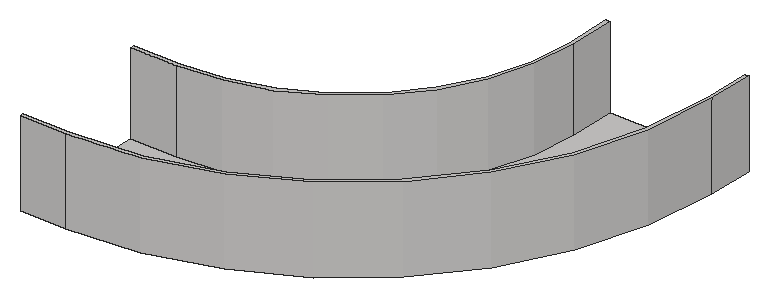
Revit family "Cable_Tray_Fitting-Ventilated_Tray-OBO_Bettermann-Channel_Horizontal_Bend-MKS", category Cable Tray Fittings, Revit 2012
Parameters (values of type "Hot Dipped Galvanised")
  URL = "http://www.obo-bettermann.com/"
  Type Comments = ""
  Tray Width [instance] = 100 mm
  Tray Height [instance] = 60 mm
  Tray Length [instance] = 31.75 mm
  built-in parameter 1140111 [instance] = 0.0084635 (stored number, unit not read)
  Product Page URL = "http://catalog2.obo-bettermann.com/catalogue/catalogue.do?favOid=kts_315277&act=showIO&lang=en&action=start&catId=KTS&forward=showSolutionView"
  Product Documentation Link = ""
  Pre Galvanized = no
  Model = "MKS"
  Manufacturer = "OBO Bettermann"
  Description = "Ventilated Cable Tray"
  Connector Description 2 = "Connector for Cable Tray 2"  # constant formula
  Connector Description = "Connector for Cable Tray 1"  # constant formula
  Classification = "Refer to online Catalog for UL and cUL classifed sizes and wire sizes."
  Center to End [instance] = Bend Radius Label * tan(Angle / 2) + Tray Length  # 234.15 mm
  Cable Tray Material = Metal - OBO Bettermann - Hot-Dipped-Galvanised
  Bend Radius Label [instance] = if(Bend Radius_x > 3.175 mm, Bend Radius_x + Tray Width / 2, Tray Width / 2 + 3.175 mm)  # 202.4 mm
  Bend Radius_x [instance] = 152.4 mm
  Assembly Code = "D5030600"
  Angle [instance] = 90.00°
Types (2, lengths in mm): name | Cable Tray Material
  Hot Dipped Galvanised | Metal - OBO Bettermann - Hot-Dipped-Galvanised
  Stripped Galvanised | Metal - OBO Bettermann - Strip-Galvanised
Reference planes
  plane 1 "Center (Front/Back)": y = 0
  plane 2: z = 0
  plane 3 "Center (Left/Right)": x = 0
  plane 4: y = 202.4
  plane 5: x = -234.15
  plane 6: x = -202.4
Forms (mm)
  Sweep 1, solid, material "Metal - OBO Bettermann - Hot-Dipped-Galvanised" <- "Cable Tray Material", detail levels medium
    path in 3D
      loop
        line (-234.15, 0, 0) -> (-202.4, 0, 0)
        arc (-202.4, 0, 0) -> (-59.282, 59.282, 0) -> (0, 202.4, 0) r 202.4
        line (0, 202.4, 0) -> (0, 234.15, 0)
    profile "Cable Tray - Channel 2 : Channel" origin (-218.275, 0, 0) x (0, 1, 0) y (0, 0, 1)
      loop
        line (-50, 30) -> (-50, -30) -> (50, -30) -> (50, 30) -> (-50, 30)
  Sweep 2, solid, material "Metal - OBO Bettermann - Hot-Dipped-Galvanised" <- "Cable Tray Material", detail levels fine
    path in 3D
      loop
        line (-234.15, 0, 0) -> (-202.4, 0, 0)
        arc (-202.4, 0, 0) -> (-59.282, 59.282, 0) -> (0, 202.4, 0) r 202.4
        line (0, 202.4, 0) -> (0, 234.15, 0)
    profile "Cable Tray - Channel 1 : Channel" origin (-218.275, 0, 0) x (0, 1, 0) y (0, 0, 1)
      loop
        line (-50, 30) -> (-50, -30) -> (50, -30) -> (50, 30) -> (47.42, 30) -> (47.42, -27.42) -> (-47.42, -27.42) -> (-47.42, 30) -> (-50, 30)
Lines and regions (mm)
  model lines, style "Coarse View", detail levels coarse
    curve 1: arc (-202.4, 0, 0) -> (-59.282, 59.282, 0) -> (0, 202.4, 0) r 202.4
    curve 2: line (-234.15, 0, 0) -> (-202.4, 0, 0)
    curve 3: line (0, 202.4, 0) -> (0, 234.15, 0)
  sketch lines
    curve 4: line (-234.15, 0, 0) -> (-202.4, 0, 0)
    curve 5: arc (-202.4, 0, 0) -> (-59.282, 59.282, 0) -> (0, 202.4, 0) r 202.4
    curve 6: line (0, 202.4, 0) -> (0, 234.15, 0)
    curve 7: line (-234.15, 0, 0) -> (-202.4, 0, 0)
    curve 8: arc (-202.4, 0, 0) -> (-59.282, 59.282, 0) -> (0, 202.4, 0) r 202.4
    curve 9: line (0, 202.4, 0) -> (0, 234.15, 0)
Dimensions and locks
  "Bend Radius Label": plane 4 to plane 1 "Center (Front/Back)"
  "Center to End": plane 5 to plane 3 "Center (Left/Right)"
  "Tray Length": plane 5 to plane 6
  "Tray Length": curve 3 to curve 3
  "Bend Radius Label": radius of curve 1
  "Angle": angle curve 1 to curve 1
  "Angle": angle plane 1 "Center (Front/Back)" to curve 3
  aligned and locked: plane 6 to curve 1
  aligned and locked: plane 4 to curve 1
  aligned and locked: plane 5 to curve 2
  aligned and locked: plane 6 to curve 2
  aligned and locked: plane 1 "Center (Front/Back)" to curve 2
Connectors
  cabletrayconduit at (-234.15, 0, 0), driven by "Tray Height", driven by "Tray Width", driven by "Angle", driven by "Connector Description"
    settings: on Sweep 1, index 1, connector width 100 mm, connector height 60 mm, connector radius 304.8 mm, connector angle 90.00°, system type 32, placement type 0, profile type 1, connector reference index 2, is primary connector yes, connector utility param no, connector description "Connector for Cable Tray 1"
  cabletrayconduit at (0, 234.15, 0), driven by "Tray Height", driven by "Tray Width", driven by "Angle", driven by "Connector Description 2"
    settings: on Sweep 1, index 2, connector width 100 mm, connector height 60 mm, connector radius 304.8 mm, connector angle 90.00°, system type 32, placement type 0, profile type 1, connector reference index 1, is primary connector no, connector utility param no, connector description "Connector for Cable Tray 2"
